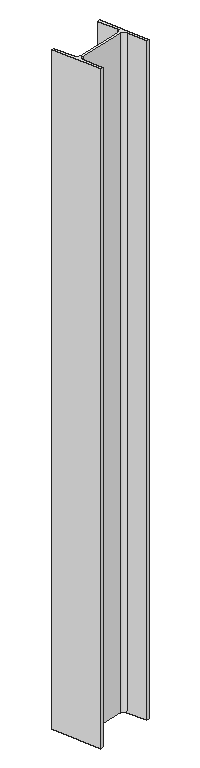
Revit family "W-Wide Flange-Column", category Structural Columns, Revit 2024
Family settings
  Section Shape = Not Defined
  Material for Model Behavior = Steel
  Always export as geometry = No
  Beam cutback in plan = From bounding box
  Cut with Voids When Loaded = No
  Symbolic Representation = From Project Settings
  Shared = No
  Show family pre-cut in plan views = Yes
Parameters (values of type "W250X49.1")
  W = 0.0491
  Structural Material [instance] = _Default -  Metal - Structural
  EA_Repath [instance] = 0 mm
  Assembly Code = ""
  bf = 202 mm
  d = 247 mm
  k = 28 mm
  kr = k - tf  # 17 mm
  tf = 11 mm
  tw = 7.4 mm
  A = 0.00626 m²
Types (2, lengths in mm): name | W | bf | d | k | kr | tf | tw | A
  W250X73 | 0.72 | 254 | 253 | 31 | 16.8 | 14.2 | 8.6 | 0.00931 m²
  W250X49.1 | 0.0491 | 202 | 247 | 28 | 17 | 11 | 7.4 | 0.00626 m²
Reference planes
  plane 1: y = 0
  plane 2: z = 0
  plane 3: x = 0
  plane 4: x = -101
  plane 5: x = 101
  plane 6: y = 123.5
  plane 7: y = -123.5
  plane 8: x = -3.969
  plane 9: x = 3.969
Forms (mm)
  Extrusion 1, solid, material "_Default -  Metal - Structural" <- "Structural Material", detail levels medium
    sketch origin (0, 0, 0) x (1, 0, 0) y (0, 1, 0)
      loop
        line (-101, 123.5) -> (-101, 112.5) -> (-3.7, 112.5) -> (-3.7, -112.5) -> (-101, -112.5) -> (-101, -123.5) -> (101, -123.5) -> (101, -112.5) -> (3.7, -112.5) -> (3.7, 112.5) -> (101, 112.5) -> (101, 123.5) -> (-101, 123.5)
    from 0 to 2500
  Extrusion 2, solid, material "_Default -  Metal - Structural" <- "Structural Material", detail levels fine
    sketch origin (0, 0, 0) x (1, 0, 0) y (0, 1, 0)
      loop
        line (-101, 123.5) -> (-101, 112.5) -> (-20.7, 112.5)
        arc (-20.7, 112.5) -> (-8.679, 107.521) -> (-3.7, 95.5) r 17
        line (-3.7, 95.5) -> (-3.7, -95.5)
        arc (-3.7, -95.5) -> (-8.679, -107.521) -> (-20.7, -112.5) r 17
        line (-20.7, -112.5) -> (-101, -112.5) -> (-101, -123.5) -> (101, -123.5) -> (101, -112.5) -> (20.7, -112.5)
        arc (20.7, -112.5) -> (8.679, -107.521) -> (3.7, -95.5) r 17
        line (3.7, -95.5) -> (3.7, 95.5)
        arc (3.7, 95.5) -> (8.679, 107.521) -> (20.7, 112.5) r 17
        line (20.7, 112.5) -> (101, 112.5) -> (101, 123.5) -> (-101, 123.5)
    from 0 to 2500
Lines and regions (mm)
  symbolic lines, style "StructuralColumnStickSymbols", detail levels coarse
    curve 1: line (-101, 123.5, 0) -> (101, 123.5, 0)
    curve 2: line (-101, -123.5, 0) -> (101, -123.5, 0)
    curve 3: line (0, 123.5, 0) -> (0, -123.5, 0)
  symbolic lines, style "Hidden Faces", detail levels medium+fine
    curve 4: line (-3.969, 0, 0) -> (-3.969, 0, 2500)
    curve 5: line (3.969, 0, 2500) -> (3.969, 0, 0)
Dimensions and locks
  equal spacing: plane 4, plane 3, plane 5
  equal spacing: plane 7, plane 1, plane 6
  "d": plane 7 to plane 6
  "bf": plane 4 to plane 5
  "tf": plane 7 to Extrusion 1 sketch curve
  "tf": Extrusion 1 sketch curve to plane 6
  equal spacing: Extrusion 1 sketch curve, plane 3, Extrusion 1 sketch curve
  "tw": Extrusion 1 sketch curve to Extrusion 1 sketch curve
  "kr": radius of Extrusion 2 sketch curve  (x4)
  aligned and locked: plane 6 to Extrusion 1 sketch curve
  aligned and locked: Extrusion 1 sketch curve to plane 7
  aligned and locked: Extrusion 1 sketch curve to plane 4  (x2)
  aligned and locked: plane 5 to Extrusion 1 sketch curve  (x2)
  aligned and locked: Extrusion 1 sketch curve to Extrusion 1 sketch curve  (x2)
  aligned and locked: level to Extrusion 1
  aligned and locked: level to plane 2
  aligned and locked: Extrusion 1 to plane 2
  aligned and locked: plane 6 to Extrusion 2 sketch curve
  aligned and locked: plane 5 to Extrusion 2 sketch curve  (x2)
  aligned and locked: Extrusion 2 sketch curve to plane 4  (x2)
  aligned and locked: Extrusion 2 sketch curve to Extrusion 1  (x6)
  aligned and locked: Extrusion 2 sketch curve to plane 7
  aligned and locked: level to Extrusion 2
  aligned and locked: Extrusion 2 to level
Automatic sketch dimensions
  curve 2 to plane 4 = 0 mm
  curve 1 to plane 4 = 0 mm
  curve 3 to plane 3 = 0 mm
  curve 2 to plane 5 = 0 mm
  curve 1 to plane 5 = 0 mm
  curve 3 to plane 7 = 0 mm
  curve 3 to plane 6 = 0 mm
  curve 4 to level = 0 mm  (x2)
  curve 4 to plane 8 = 0 mm
  curve 5 to level = 0 mm  (x2)
  curve 5 to plane 9 = 0 mm
